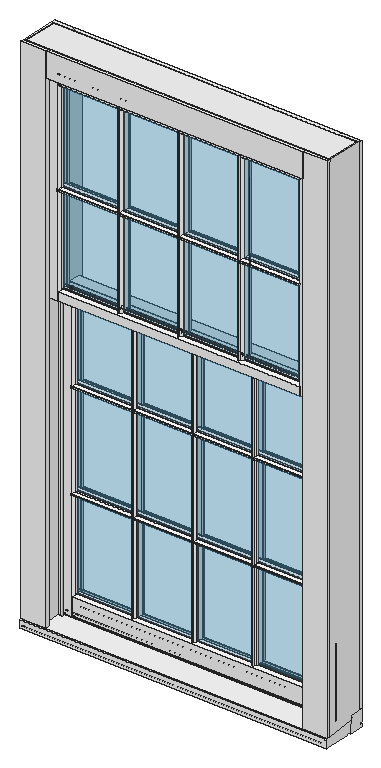
Revit family "B1-812", category Generic Models, Revit 2012
Parameters (values of type "Window Sill drawing")
  Width = 1250 mm
  Height = 2144 mm
  GlazingPanelMaterial = Glass
  Floor Material = White
Reference planes
  plane 1 "Center (Front/Back)": y = 0
  plane 2: z = 0
  plane 3 "Center (Left/Right)": x = 72
  plane 4: z = 2144
  plane 5: x = -800
  plane 6: y = -21.25
  plane 7: y = 152.75
  plane 8: x = -669
  plane 9: y = -21.25
  plane 10: z = 1275.52
  plane 11: z = 1231.52
  plane 12: z = 2044
  plane 13: z = 2058
  plane 14: z = 33
  plane 15: z = 2062
  plane 16: z = 68
  plane 17: x = 450
  plane 18: x = -419.504
  plane 19: x = -174
  plane 20: z = -98.018
  plane 21: y = 110
  plane 22: y = 110
  plane 23: y = 110
  plane 24: y = 110
  plane 25: y = 110
  plane 26: y = 110
  plane 27: x = 350
  plane 28: x = 319
  plane 29: x = 368
  plane 30: y = 110
  plane 31: y = 110
  plane 32: y = 110
  plane 33: z = 2144
  plane 34: x = 289.073
  plane 35: y = 110
  plane 36: y = 110
  plane 37: y = 110
  plane 38: z = 484
  plane 39: z = 2013
  plane 40: z = 1628.52
  plane 41: y = 39.004
  plane 42: y = 39.004
  plane 43: y = 39.004
  plane 44: z = 877.04
  plane 45: x = 289.073
  plane 46: y = 110
  plane 47: y = 110
  plane 48: y = 110
Forms (mm)
  Extrusion 1, solid, material "White" <- "Floor Material"
    sketch origin (250, 0, 963.815) x (0, 1, 0) y (0, 0, 1)
      loop
        arc (117, 270.705) -> (122.657, 273.048) -> (125, 278.705) r 8
        line (125, 278.705) -> (128, 278.705) -> (128, 283.705) -> (109, 283.705) -> (109, 271.705) -> (112, 271.705) -> (113, 267.705) -> (117, 267.705) -> (117, 270.705)
      loop
        line (105, 279.705) -> (89, 279.705) -> (89, 269.705) -> (105, 269.705) -> (105, 279.705)
      loop
        line (60, 267.705) -> (60, 292.705) -> (54, 292.705) -> (54, 295.705) -> (12, 295.705) -> (12, 311.705) -> (10, 311.705) -> (0, 301.705) -> (0, 267.705) -> (30.175, 267.705) -> (60, 267.705)
      loop
        line (34, 309.705) -> (18, 309.705) -> (18, 299.705) -> (34, 299.705) -> (34, 309.705)
      loop
        arc (55.182, 295.161) -> (54.182, 294.161) -> (55.182, 293.161) r 1
        line (55.182, 293.161) -> (62.682, 293.161) -> (62.682, 297.13) -> (64.738, 294.318)
        arc (64.738, 294.318) -> (66.051, 294.42) -> (66.152, 295.733) r 1.012
        line (66.152, 295.733) -> (63.167, 299.815)
        arc (63.167, 299.815) -> (61.677, 300.338) -> (60.652, 299.136) r 1.396
        line (60.652, 299.136) -> (60.652, 295.161) -> (55.182, 295.161)
    from -917.922 to 69.921
  Extrusion 2, solid, material "White" <- "Floor Material"
    sketch origin (1015, 13.291, 911.009) x (0, 1, 0) y (0, 0, 1)
      loop
        line (69.709, 336.511) -> (96.209, 336.511) -> (96.209, 364.511) -> (50.709, 364.511) -> (50.709, 359.511) -> (52.709, 349.511) -> (57.709, 349.511) -> (57.709, 339.968) -> (63.93, 339.968) -> (63.93, 336.511) -> (57.709, 336.511) -> (57.709, 320.511) -> (69.709, 320.511) -> (69.709, 336.511)
      loop
        line (53.709, 320.511) -> (53.709, 325.511) -> (51.709, 335.511) -> (46.709, 335.511) -> (46.709, 320.511) -> (53.709, 320.511)
      loop
        line (46.709, 364.511) -> (28.709, 364.511) -> (27.709, 360.511) -> (24.709, 360.511) -> (24.709, 348.511) -> (46.709, 348.511) -> (46.709, 364.511)
      loop
        arc (62.768, 337.366) -> (63.768, 338.366) -> (62.768, 339.366) r 1
        line (62.768, 339.366) -> (55.268, 339.366) -> (55.268, 335.397) -> (53.212, 338.208)
        arc (53.212, 338.208) -> (51.899, 338.107) -> (51.797, 336.794) r 1.012
        line (51.797, 336.794) -> (54.783, 332.712)
        arc (54.783, 332.712) -> (56.273, 332.188) -> (57.298, 333.39) r 1.396
        line (57.298, 333.39) -> (57.298, 337.366) -> (62.768, 337.366)
    from -1688.922 to -691.009
  Extrusion 3, solid, material "White" <- "Floor Material"
    sketch origin (865, 123.171, 924.733) x (0, 1, 0) y (0, 0, 1)
      loop
        line (-14.171, 306.296) -> (-10.171, 306.787) -> (-11.171, 310.787) -> (-14.171, 310.787) -> (-14.171, 306.296)
      loop
        line (-38.171, 306.542) -> (-38.171, 309.542) -> (-40.171, 309.787) -> (-40.171, 306.787) -> (-38.171, 306.542)
      loop
        line (-85.171, 351.278) -> (-85.171, 346.787) -> (-82.171, 346.787) -> (-81.171, 350.787) -> (-85.171, 351.278)
      loop
        line (-111.171, 347.787) -> (-109.171, 348.033) -> (-109.171, 351.033) -> (-111.171, 350.787) -> (-111.171, 347.787)
    from -1534 to -546
  Extrusion 4, solid, material "Glass" <- "GlazingPanelMaterial"
    sketch origin (150, 64.106, 220.533) x (0, 1, 0) y (0, 0, 1)
      loop
        line (44.88, -103.528) -> (44.88, 1026.987) -> (40.88, 1026.987) -> (40.88, -103.528) -> (44.88, -103.528)
      loop
        line (24.88, 1026.987) -> (20.88, 1026.987) -> (20.88, -103.528) -> (24.88, -103.528) -> (24.88, 1026.987)
    from -819 to 169
  Extrusion 5, solid, material "White" <- "Floor Material"
    sketch origin (761.418, 125.498, 1270.719) x (0, -0.121869, -0.992546) y (0, 0.992546, -0.121869)
      loop
        line (28.327, -57.65) -> (23.969, -54.354)
        arc (23.969, -54.354) -> (22.506, -54.612) -> (22.765, -56.075) r 1.05
        line (22.765, -56.075) -> (26.332, -58.837)
        arc (26.332, -58.837) -> (26.584, -59.776) -> (25.835, -60.396) r 0.9
        line (25.835, -60.396) -> (19.693, -61.15)
        arc (19.693, -61.15) -> (19.162, -61.383) -> (18.989, -61.936) r 0.7
        line (18.989, -61.936) -> (19.197, -63.633) -> (19.712, -64.398) -> (20.1, -67.562) -> (19.196, -66.76) -> (19.293, -67.554) -> (20.152, -68.225) -> (20.951, -68.183) -> (23.094, -67.324) -> (22.996, -66.53) -> (20.532, -66.978) -> (20.205, -64.315)
        arc (20.205, -64.315) -> (20.389, -63.651) -> (20.989, -63.312) r 0.9
        line (20.989, -63.312) -> (28.761, -62.358)
        arc (28.761, -62.358) -> (29.205, -62.1) -> (29.324, -61.601) r 0.65
        line (29.324, -61.601) -> (28.752, -58.33)
        arc (28.752, -58.33) -> (28.631, -57.932) -> (28.327, -57.65) r 0.798
    from -1430.418 to -1181
  Extrusion 6, solid, material "White" <- "Floor Material"
    sketch origin (911.418, 126.532, 1271.954) x (0, -0.121869, -0.992546) y (0, 0.992546, -0.121869)
      loop
        arc (25.38, -55.148) -> (23.778, -55.428) -> (24.057, -57.03) r 1.15
        line (24.057, -57.03) -> (27.62, -59.789)
        arc (27.62, -59.789) -> (27.84, -60.623) -> (27.175, -61.172) r 0.8
        line (27.175, -61.172) -> (20.939, -61.931)
        arc (20.939, -61.931) -> (20.405, -62.232) -> (20.241, -62.823) r 0.8
        line (20.241, -62.823) -> (20.45, -64.52) -> (20.968, -65.312) -> (21.339, -68.337) -> (20.548, -67.635) -> (20.645, -68.429) -> (21.504, -69.1) -> (22.303, -69.058) -> (24.446, -68.2) -> (24.348, -67.406) -> (21.983, -67.835) -> (21.657, -65.178)
        arc (21.657, -65.178) -> (21.82, -64.588) -> (22.353, -64.287) r 0.8
        line (22.353, -64.287) -> (30.127, -63.332)
        arc (30.127, -63.332) -> (30.638, -63.034) -> (30.774, -62.459) r 0.75
        line (30.774, -62.459) -> (30.244, -59.424)
        arc (30.244, -59.424) -> (30.154, -58.918) -> (29.833, -58.516) r 1.042
        line (29.833, -58.516) -> (25.38, -55.148)
    from -1580.418 to -1331
  Extrusion 7, solid, material "White" <- "Floor Material"
    sketch origin (861.418, 121.497, 1283.598) x (0, -0.121869, -0.992546) y (0, 0.992546, -0.121869)
      loop
        line (37.899, -55.316) -> (32.161, -55.997)
        arc (32.161, -55.997) -> (31.827, -56.184) -> (31.724, -56.554) r 0.5
        line (31.724, -56.554) -> (32.395, -62.021) -> (31.491, -61.219) -> (31.588, -62.013) -> (32.447, -62.684) -> (33.246, -62.642) -> (35.389, -61.784) -> (35.291, -60.989) -> (32.827, -61.437) -> (32.285, -57.019)
        arc (32.285, -57.019) -> (32.428, -56.659) -> (32.772, -56.479) r 0.558
        line (32.772, -56.479) -> (37.96, -55.818)
        arc (37.96, -55.818) -> (38.179, -55.536) -> (37.899, -55.316) r 0.253
    from -1530.418 to -542.417
  Extrusion 8, solid, material "White" <- "Floor Material"
    sketch origin (-78.582, 5.502, 1236.603) x (0, 0.121869, 0.992546) y (0, -0.992546, 0.121869)
      loop
        line (28.327, -57.65) -> (23.969, -54.354)
        arc (23.969, -54.354) -> (22.506, -54.612) -> (22.765, -56.075) r 1.05
        line (22.765, -56.075) -> (26.332, -58.837)
        arc (26.332, -58.837) -> (26.584, -59.776) -> (25.835, -60.396) r 0.9
        line (25.835, -60.396) -> (19.693, -61.15)
        arc (19.693, -61.15) -> (19.162, -61.383) -> (18.989, -61.936) r 0.7
        line (18.989, -61.936) -> (19.197, -63.633) -> (19.712, -64.398) -> (20.1, -67.562) -> (19.196, -66.76) -> (19.293, -67.554) -> (20.152, -68.225) -> (20.951, -68.183) -> (23.094, -67.324) -> (22.996, -66.53) -> (20.532, -66.978) -> (20.205, -64.315)
        arc (20.205, -64.315) -> (20.389, -63.651) -> (20.989, -63.312) r 0.9
        line (20.989, -63.312) -> (28.761, -62.358)
        arc (28.761, -62.358) -> (29.205, -62.1) -> (29.324, -61.601) r 0.65
        line (29.324, -61.601) -> (28.752, -58.33)
        arc (28.752, -58.33) -> (28.631, -57.932) -> (28.327, -57.65) r 0.798
    from -590.418 to 397.583
  Extrusion 9, solid, material "White" <- "Floor Material"
    sketch origin (736.418, 9.503, 1223.725) x (0, 0.121869, 0.992546) y (0, -0.992546, 0.121869)
      loop
        line (37.899, -55.316) -> (32.161, -55.997)
        arc (32.161, -55.997) -> (31.827, -56.184) -> (31.724, -56.554) r 0.5
        line (31.724, -56.554) -> (32.395, -62.021) -> (31.491, -61.219) -> (31.588, -62.013) -> (32.447, -62.684) -> (33.246, -62.642) -> (35.389, -61.784) -> (35.291, -60.989) -> (32.827, -61.437) -> (32.285, -57.019)
        arc (32.285, -57.019) -> (32.428, -56.659) -> (32.772, -56.479) r 0.558
        line (32.772, -56.479) -> (37.96, -55.818)
        arc (37.96, -55.818) -> (38.179, -55.536) -> (37.899, -55.316) r 0.253
    from -1405.418 to -417.417
  Extrusion 10, solid, material "White" <- "Floor Material"
    sketch origin (815, 0, 963.815) x (0, 1, 0) y (0, 0, 1)
      loop
        line (38, 299.705) -> (12, 299.705) -> (12, 295.705) -> (38, 295.705) -> (38, 299.705)
      loop
        line (109, 283.705) -> (83, 283.705) -> (83, 279.705) -> (109, 279.705) -> (109, 283.705)
    from -1484 to -1234.582
  Extrusion 11, solid, not visible
    sketch origin (0, 0, 9.375) x (0, 1, 0) y (0, 0, 1)
      loop
        line (94.662, 311.911) -> (94.314, 312.868) -> (95.314, 312.868) -> (93.454, 317.977) -> (86.115, 317.977) -> (85.011, 317.575) -> (64.143, 317.575) -> (64.143, 311.911) -> (94.662, 311.911)
    from 0 to 250
  Extrusion 12, solid, not visible
    sketch origin (0, 0, 9.375) x (0, 1, 0) y (0, 0, 1)
      loop
        line (93.688, 317.334) -> (85.92, 317.334) -> (87.101, 312.926) -> (95.293, 312.926) -> (93.688, 317.334)
      loop
        line (91.853, 322.376) -> (91.853, 328.194)
        arc (91.853, 328.194) -> (91.424, 329.231) -> (90.388, 329.66) r 1.465
        line (90.388, 329.66) -> (71.853, 329.66) -> (71.853, 322.376) -> (91.853, 322.376)
      loop
        line (73.373, 320.598) -> (64.143, 320.598) -> (64.143, 317.575) -> (73.373, 317.575) -> (73.373, 320.598)
      loop
        line (61.169, 311.884) -> (61.169, 316.884) -> (56.169, 316.884)
        arc (56.169, 316.884) -> (53.926, 317.813) -> (52.996, 320.057) r 3.173
        line (52.996, 320.057) -> (52.996, 327.594)
        arc (52.996, 327.594) -> (53.247, 329.284) -> (54.656, 330.25) r 2.138
        line (54.656, 330.25) -> (56.493, 330.25)
        arc (56.493, 330.25) -> (57.939, 329.727) -> (58.925, 328.548) r 2.95
        line (58.925, 328.548) -> (59.306, 324.922) -> (61.24, 324.922) -> (60.612, 330.901)
        arc (60.612, 330.901) -> (59.723, 332.646) -> (57.894, 333.348) r 2.733
        line (57.894, 333.348) -> (52.423, 333.348)
        arc (52.423, 333.348) -> (50.164, 330.795) -> (49.999, 327.391) r 5.139
        line (49.999, 327.391) -> (47.957, 316.884)
        arc (47.957, 316.884) -> (49.179, 314.507) -> (49.698, 311.884) r 9.583
        line (49.698, 311.884) -> (61.169, 311.884)
    from 0 to 250
  Extrusion 13, solid, material "White" <- "Floor Material"
    sketch origin (50, -21.25, 1760.188) x (0, 1, 0) y (0, 0, 1)
      loop
        line (78.5, 268.749) -> (59.5, 268.749) -> (59.5, 256.749) -> (62.5, 256.749) -> (63.5, 252.749) -> (67.5, 252.749) -> (67.5, 255.749)
        arc (67.5, 255.749) -> (73.157, 258.092) -> (75.5, 263.749) r 8
        line (75.5, 263.749) -> (78.5, 263.749) -> (78.5, 268.749)
      loop
        line (67.534, 317.378) -> (63.288, 313.116) -> (63.101, 309.432)
        arc (63.101, 309.432) -> (63.279, 308.951) -> (63.75, 308.749) r 0.65
        line (63.75, 308.749) -> (71.582, 308.749)
        arc (71.582, 308.749) -> (72.219, 308.486) -> (72.482, 307.849) r 0.9
        line (72.482, 307.849) -> (72.482, 305.266) -> (69.639, 305.266) -> (69.639, 304.437) -> (70.5, 304.437) -> (72.582, 304.032) -> (73.5, 304.437) -> (73.5, 308.749) -> (73.4, 310.459)
        arc (73.4, 310.459) -> (73.16, 310.987) -> (72.605, 311.153) r 0.7
        line (72.605, 311.153) -> (66.417, 311.153)
        arc (66.417, 311.153) -> (65.695, 311.514) -> (65.553, 312.309) r 0.9
        line (65.553, 312.309) -> (68.938, 315.817)
        arc (68.938, 315.817) -> (69.016, 317.299) -> (67.534, 317.378) r 1.05
    from -719 to 269
  Extrusion 14, solid, material "White" <- "Floor Material"
    sketch origin (50, -21.25, 1749.251) x (0, 1, 0) y (0, 0, 1)
      loop
        line (154, 344.749) -> (154, 388.749) -> (20, 388.749) -> (20, 344.749) -> (154, 344.749)
    from -749.921 to 300
  Extrusion 15, solid, material "Glass" <- "GlazingPanelMaterial", detail levels fine
    sketch origin (0, -6.957, 1502.493) x (0, 1, 0) y (0, 0, 1)
      loop
        line (45.207, -226.973) -> (45.207, 521.445) -> (41.207, 521.445) -> (41.207, -226.973) -> (45.207, -226.973)
      loop
        line (24.957, 521.445) -> (20.957, 521.445) -> (20.957, -226.973) -> (24.957, -226.973) -> (24.957, 521.445)
    from -669 to 319
  Extrusion 16, solid, material "White" <- "Floor Material"
    sketch origin (-72.332, 95.318, 2181.485) x (0, 1, 0) y (0, 0, 1)
      loop
        line (-97.368, -115.408) -> (-98.782, -115.408) -> (-98.782, -120.691) -> (-97.368, -120.691) -> (-97.368, -119.602) -> (-97.368, -116.493) -> (-97.368, -115.408)
    from -596.668 to -347.25
  Extrusion 17, solid, material "White" <- "Floor Material"
    sketch origin (50, -21.25, 1760.188) x (0, 1, 0) y (0, 0, 1)
      loop
        line (17, 304.499) -> (13, 304.499) -> (13, 301.999) -> (17, 301.999) -> (17, 299.749) -> (20, 299.749) -> (20, 301.694) -> (19.2, 301.694) -> (19.2, 300.606) -> (17.786, 300.606) -> (17.786, 305.893) -> (19.2, 305.893) -> (19.2, 304.804) -> (20, 304.804) -> (20, 306.749) -> (17, 306.749) -> (17, 304.499)
    from -719 to 269
  Extrusion 18, solid, material "White" <- "Floor Material"
    sketch origin (50, -21.25, 1760.188) x (0, 1, 0) y (0, 0, 1)
      loop
        line (23.862, 300.393) -> (23.862, 306.074)
        spline (23.862, 306.074) -> (23.6, 305.683) -> (23.284, 305.425) -> (22.922, 305.27) -> (22.524, 305.189) -> (22.101, 305.153) -> (21.66, 305.133) -> (21.213, 305.1) -> (20.767, 305.024) -> (20.334, 304.876) -> (19.922, 304.627) -> (19.541, 304.248) -> (19.2, 303.71)
        line (19.2, 303.71) -> (19.2, 302.476)
        spline (19.2, 302.476) -> (19.558, 301.967) -> (19.948, 301.615) -> (20.362, 301.392) -> (20.792, 301.269) -> (21.23, 301.216) -> (21.669, 301.205) -> (22.099, 301.206) -> (22.515, 301.191) -> (22.906, 301.132) -> (23.267, 300.998) -> (23.588, 300.761) -> (23.862, 300.393)
    from -719 to -224
  Extrusion 19, solid, material "White" <- "Floor Material"
    sketch origin (-22.332, 36.182, 2181.485) x (0, -1, 0) y (0, 0, -1)
      loop
        line (-97.368, 115.408) -> (-97.368, 116.493) -> (-97.368, 119.602) -> (-97.368, 120.691) -> (-98.782, 120.691) -> (-98.782, 115.408) -> (-97.368, 115.408)
    from -695.605 to 390.349
  Extrusion 20, solid, material "White" <- "Floor Material"
    sketch origin (25, 152.75, 1760.188) x (0, -1, 0) y (0, 0, -1)
      loop
        spline (23.862, -300.393) -> (23.588, -300.761) -> (23.267, -300.998) -> (22.906, -301.132) -> (22.515, -301.191) -> (22.099, -301.206) -> (21.669, -301.205) -> (21.23, -301.216) -> (20.792, -301.269) -> (20.362, -301.392) -> (19.948, -301.615) -> (19.558, -301.967) -> (19.2, -302.476)
        line (19.2, -302.476) -> (19.2, -303.71)
        spline (19.2, -303.71) -> (19.541, -304.248) -> (19.922, -304.627) -> (20.334, -304.876) -> (20.767, -305.024) -> (21.213, -305.1) -> (21.66, -305.133) -> (22.101, -305.153) -> (22.524, -305.189) -> (22.922, -305.27) -> (23.284, -305.425) -> (23.6, -305.683) -> (23.862, -306.074)
        line (23.862, -306.074) -> (23.862, -300.393)
    from -694 to -444.582
  Extrusion 21, solid, material "White" <- "Floor Material"
    sketch origin (50, 234.566, 1876.409) x (0, 1, 0) y (0, 0, 1)
      loop
        line (-222.316, 137.529) -> (-220.566, 137.744) -> (-220.566, 152.529) -> (-222.316, 152.529) -> (-222.316, 137.529)
      loop
        line (-193.316, 140.529) -> (-196.316, 140.529) -> (-196.316, 136.529) -> (-192.316, 136.529) -> (-193.316, 140.529)
    from -719 to -469.582
  Extrusion 22, solid, material "White" <- "Floor Material"
    sketch origin (50, -21.25, 1749.251) x (0, 1, 0) y (0, 0, 1)
      loop
        line (159, 312.749) -> (159, 388.749) -> (20, 388.749) -> (20, 329.749) -> (15, 329.749) -> (15, 321.749) -> (20, 321.749) -> (20, 312.749) -> (83, 312.749) -> (83, 319.749) -> (91, 319.749) -> (91, 312.749) -> (159, 312.749)
    from -767.938 to 318.016
  Extrusion 23, solid, material "White" <- "Floor Material"
    sketch origin (-172.332, 69.685, -12.907) x (0, -1, 0) y (0, 0, -1)
      loop
        line (-28.815, -17.907) -> (-28.815, -45.907) -> (-33.815, -45.907) -> (-33.815, -60.907) -> (-28.815, -60.907) -> (92.551, -46.005)
        arc (92.551, -46.005) -> (94.432, -45.015) -> (95.185, -43.027) r 3
        line (95.185, -43.027) -> (95.185, -12.907) -> (90.185, -12.907) -> (90.185, -14.907)
        arc (90.185, -14.907) -> (87.185, -17.907) -> (84.185, -14.907) r 3
        line (84.185, -14.907) -> (84.185, -12.907) -> (-8.815, -12.907) -> (-8.815, -17.907) -> (-28.815, -17.907)
    from -627.668 to 622.332
  Extrusion 24, solid, material "White" <- "Floor Material"
    sketch origin (-172.332, 69.685, 0) x (0, -1, 0) y (0, 0, -1)
      loop
        line (-82.815, 0) -> (-82.815, -10) -> (-72.815, -10) -> (-72.815, -20) -> (-82.815, -20) -> (-82.815, -68) -> (-62.815, -68) -> (-28.815, -63.825) -> (-28.815, -58.913)
        arc (-28.815, -58.913) -> (-31.815, -55.913) -> (-28.815, -52.913) r 3
        line (-28.815, -52.913) -> (-28.815, -48) -> (-33.815, -48) -> (-33.815, -33) -> (-28.815, -33) -> (-28.815, 0) -> (-82.815, 0)
    from -627.668 to 622.332
  Extrusion 25, solid, material "White" <- "Floor Material"
    sketch origin (-172.332, 75.723, -26.266) x (0, -1, 0) y (0, 0, -1)
      loop
        line (-6.277, -76.621) -> (-17.277, -77.972) -> (-17.277, -99.936) -> (-21.277, -99.936) -> (-21.277, -139.271) -> (-7.277, -139.271) -> (-7.277, -155.271) -> (-5.277, -155.271) -> (4.723, -145.271) -> (4.723, -77.246)
        arc (4.723, -77.246) -> (3.711, -74.999) -> (1.357, -74.268) r 3
        line (1.357, -74.268) -> (-3.277, -74.837) -> (-3.277, -82.253) -> (-6.277, -82.253) -> (-6.277, -76.621)
      loop
        line (-55.277, -139.271) -> (-29.277, -139.271) -> (-29.277, -99.936) -> (-33.277, -99.936) -> (-33.277, -94.936) -> (-44.277, -96.287) -> (-44.277, -102.287) -> (-47.277, -102.287) -> (-47.277, -96.655) -> (-52.643, -97.314)
        arc (-52.643, -97.314) -> (-54.524, -98.304) -> (-55.277, -100.292) r 3
        line (-55.277, -100.292) -> (-55.277, -139.271)
    from -495.589 to 492.208
  Extrusion 26, solid, material "White" <- "Floor Material"
    sketch origin (-172.332, 36.806, -33.552) x (0, -1, 0) y (0, 0, -1)
      loop
        line (-97.22, -108.207) -> (-97.22, -106.552) -> (-98.72, -106.552) -> (-98.72, -111.552) -> (-97.22, -111.552) -> (-97.22, -109.898)
        spline (-97.22, -109.898) -> (-96.846, -110.536) -> (-96.419, -110.991) -> (-95.951, -111.297) -> (-95.454, -111.486) -> (-94.941, -111.593) -> (-94.423, -111.65) -> (-93.912, -111.691) -> (-93.422, -111.75) -> (-92.964, -111.859) -> (-92.55, -112.054) -> (-92.193, -112.366) -> (-91.905, -112.83)
        line (-91.905, -112.83) -> (-91.905, -105.274)
        spline (-91.905, -105.274) -> (-92.193, -105.738) -> (-92.55, -106.051) -> (-92.964, -106.245) -> (-93.422, -106.355) -> (-93.912, -106.414) -> (-94.423, -106.455) -> (-94.941, -106.512) -> (-95.454, -106.619) -> (-95.951, -106.808) -> (-96.419, -107.113) -> (-96.846, -107.569) -> (-97.22, -108.207)
    from -496.668 to 491.333
  Extrusion 27, solid, material "White" <- "Floor Material"
    sketch origin (-172.332, 73.367, -7.569) x (0, -1, 0) y (0, 0, -1)
      loop
        line (-54.633, -125.574) -> (-51.633, -125.574)
        arc (-51.633, -125.574) -> (-49.289, -131.23) -> (-43.633, -133.574) r 8
        line (-43.633, -133.574) -> (-43.633, -136.574) -> (-39.633, -136.574) -> (-38.633, -132.574) -> (-35.633, -132.574) -> (-35.633, -120.574) -> (-54.633, -120.574) -> (-54.633, -125.574)
    from -496.668 to 491.333
  Extrusion 28, solid, material "White" <- "Floor Material"
    sketch origin (-172.332, 69.685, 0) x (0, -1, 0) y (0, 0, -1)
      loop
        line (-39.315, -113.004) -> (-39.315, -117.004) -> (-15.315, -117.004) -> (-15.315, -126.25) -> (-13.315, -126.004) -> (-13.315, -113.004) -> (-39.315, -113.004)
    from -496.668 to 491.333
  Extrusion 29, solid, material "White" <- "Floor Material"
    sketch origin (-153.582, 101.098, -13.29) x (0, -1, 0) y (0, 0, -1)
      loop
        line (28.327, -57.65) -> (23.969, -54.354)
        arc (23.969, -54.354) -> (22.506, -54.612) -> (22.765, -56.075) r 1.05
        line (22.765, -56.075) -> (26.332, -58.837)
        arc (26.332, -58.837) -> (26.584, -59.776) -> (25.835, -60.396) r 0.9
        line (25.835, -60.396) -> (19.693, -61.15)
        arc (19.693, -61.15) -> (19.162, -61.383) -> (18.989, -61.936) r 0.7
        line (18.989, -61.936) -> (19.197, -63.633) -> (19.712, -64.398) -> (20.1, -67.562) -> (19.196, -66.76) -> (19.293, -67.554) -> (20.152, -68.225) -> (20.951, -68.183) -> (23.094, -67.324) -> (22.996, -66.53) -> (20.532, -66.978) -> (20.205, -64.315)
        arc (20.205, -64.315) -> (20.389, -63.651) -> (20.989, -63.312) r 0.9
        line (20.989, -63.312) -> (28.761, -62.358)
        arc (28.761, -62.358) -> (29.205, -62.1) -> (29.324, -61.601) r 0.65
        line (29.324, -61.601) -> (28.752, -58.33)
        arc (28.752, -58.33) -> (28.631, -57.932) -> (28.327, -57.65) r 0.798
    from -551.339 to 508.582
  Extrusion 30, solid, material "White" <- "Floor Material"
    sketch origin (-153.582, 113.393, -7.749) x (0, -1, 0) y (0, 0, -1)
      loop
        line (37.899, -55.316) -> (32.161, -55.997)
        arc (32.161, -55.997) -> (31.827, -56.184) -> (31.724, -56.554) r 0.5
        line (31.724, -56.554) -> (32.395, -62.021) -> (31.491, -61.219) -> (31.588, -62.013) -> (32.447, -62.684) -> (33.246, -62.642) -> (35.389, -61.784) -> (35.291, -60.989) -> (32.827, -61.437) -> (32.285, -57.019)
        arc (32.285, -57.019) -> (32.428, -56.659) -> (32.772, -56.479) r 0.558
        line (32.772, -56.479) -> (37.96, -55.818)
        arc (37.96, -55.818) -> (38.179, -55.536) -> (37.899, -55.316) r 0.253
    from -515.418 to 225.582
  Extrusion 31, solid, material "White" <- "Floor Material"
    sketch origin (-172.332, 69.685, 0) x (0, -1, 0) y (0, 0, -1)
      loop
        line (-35.315, -127.004) -> (-19.315, -127.004) -> (-19.315, -117.004) -> (-35.315, -117.004) -> (-35.315, -127.004)
    from -496.668 to 244.332
  Extrusion 32, solid, material "White" <- "Floor Material"
    sketch origin (-153.582, 142.098, 6.744) x (0, -1, 0) y (0, 0, -1)
      loop
        line (28.327, -57.65) -> (23.969, -54.354)
        arc (23.969, -54.354) -> (22.506, -54.612) -> (22.765, -56.075) r 1.05
        line (22.765, -56.075) -> (26.332, -58.837)
        arc (26.332, -58.837) -> (26.584, -59.776) -> (25.835, -60.396) r 0.9
        line (25.835, -60.396) -> (19.693, -61.15)
        arc (19.693, -61.15) -> (19.162, -61.383) -> (18.989, -61.936) r 0.7
        line (18.989, -61.936) -> (19.197, -63.633) -> (19.712, -64.398) -> (20.1, -67.562) -> (19.196, -66.76) -> (19.293, -67.554) -> (20.152, -68.225) -> (20.951, -68.183) -> (23.094, -67.324) -> (22.996, -66.53) -> (20.532, -66.978) -> (20.205, -64.315)
        arc (20.205, -64.315) -> (20.389, -63.651) -> (20.989, -63.312) r 0.9
        line (20.989, -63.312) -> (28.761, -62.358)
        arc (28.761, -62.358) -> (29.205, -62.1) -> (29.324, -61.601) r 0.65
        line (29.324, -61.601) -> (28.752, -58.33)
        arc (28.752, -58.33) -> (28.631, -57.932) -> (28.327, -57.65) r 0.798
    from -515.418 to 472.583
  Extrusion 33, solid, material "White" <- "Floor Material"
    sketch origin (-153.582, 143.45, 5.869) x (0, -1, 0) y (0, 0, -1)
      loop
        arc (25.38, -55.148) -> (23.778, -55.428) -> (24.057, -57.03) r 1.15
        line (24.057, -57.03) -> (27.62, -59.789)
        arc (27.62, -59.789) -> (27.84, -60.623) -> (27.175, -61.172) r 0.8
        line (27.175, -61.172) -> (20.939, -61.931)
        arc (20.939, -61.931) -> (20.405, -62.232) -> (20.241, -62.823) r 0.8
        line (20.241, -62.823) -> (20.45, -64.52) -> (20.968, -65.312) -> (21.339, -68.337) -> (20.548, -67.635) -> (20.645, -68.429) -> (21.504, -69.1) -> (22.303, -69.058) -> (24.446, -68.2) -> (24.348, -67.406) -> (21.983, -67.835) -> (21.657, -65.178)
        arc (21.657, -65.178) -> (21.82, -64.588) -> (22.353, -64.287) r 0.8
        line (22.353, -64.287) -> (30.127, -63.332)
        arc (30.127, -63.332) -> (30.638, -63.034) -> (30.774, -62.459) r 0.75
        line (30.774, -62.459) -> (30.244, -59.424)
        arc (30.244, -59.424) -> (30.154, -58.918) -> (29.833, -58.516) r 1.042
        line (29.833, -58.516) -> (25.38, -55.148)
    from -515.418 to 472.583
  Extrusion 34, solid, material "White" <- "Floor Material"
    sketch origin (-153.582, 154.393, 12.285) x (0, -1, 0) y (0, 0, -1)
      loop
        line (37.899, -55.316) -> (32.161, -55.997)
        arc (32.161, -55.997) -> (31.827, -56.184) -> (31.724, -56.554) r 0.5
        line (31.724, -56.554) -> (32.395, -62.021) -> (31.491, -61.219) -> (31.588, -62.013) -> (32.447, -62.684) -> (33.246, -62.642) -> (35.389, -61.784) -> (35.291, -60.989) -> (32.827, -61.437) -> (32.285, -57.019)
        arc (32.285, -57.019) -> (32.428, -56.659) -> (32.772, -56.479) r 0.558
        line (32.772, -56.479) -> (37.96, -55.818)
        arc (37.96, -55.818) -> (38.179, -55.536) -> (37.899, -55.316) r 0.253
    from -515.418 to 225.582
  Extrusion 35, solid, material "White" <- "Floor Material"
    sketch origin (-172.332, 69.685, 0) x (0, -1, 0) y (0, 0, -1)
      loop
        line (-39.315, -129.495) -> (-39.315, -125.004) -> (-42.315, -125.004) -> (-43.315, -129.004) -> (-39.315, -129.495)
      loop
        line (-15.315, -129.25) -> (-13.315, -129.004) -> (-13.315, -126.004) -> (-15.315, -126.25) -> (-15.315, -129.25)
    from -496.668 to 491.333
  Extrusion 36, solid, material "White" <- "Floor Material"
    sketch origin (-511.418, -643.153, 0) x (1, 0, 0) y (0, 1, 0)
      loop
        line (-280.004, 695.902) -> (-280.004, 650.902) -> (-235.004, 650.902) -> (-235.004, 695.902) -> (-280.004, 695.902)
      loop
        circle (-257.504, 673.402) r 3.5
      loop
        circle (-257.504, 744.402) r 3.5
      loop
        line (-235.004, 766.902) -> (-280.004, 766.902) -> (-280.004, 721.902) -> (-235.004, 721.902) -> (-235.004, 766.902)
      loop
        line (-281.504, 707.402) -> (-233.504, 707.402) -> (-233.504, 710.402) -> (-281.504, 710.402) -> (-281.504, 707.402)
      loop
        line (-206.504, 712.902) -> (-213.504, 712.902) -> (-213.504, 704.902) -> (-192.504, 704.902)
        arc (-192.504, 704.902) -> (-188.504, 708.902) -> (-192.504, 712.902) r 4
        line (-192.504, 712.902) -> (-206.504, 712.902)
    from 33 to 2058
  Extrusion 37, solid, material "White" <- "Floor Material"
    sketch origin (-511.434, -643.965, 0) x (1, 0, 0) y (0, 1, 0)
      loop
        line (-209.504, 752.402) -> (-254.504, 752.402) -> (-254.504, 736.402) -> (-209.504, 736.402) -> (-209.504, 729.902) -> (-206.504, 729.902) -> (-206.504, 758.902) -> (-209.504, 758.902) -> (-209.504, 752.402)
      loop
        line (-254.504, 681.402) -> (-254.504, 665.402) -> (-209.504, 665.402) -> (-209.504, 658.902) -> (-206.504, 658.902) -> (-206.504, 687.902) -> (-209.504, 687.902) -> (-209.504, 681.402) -> (-254.504, 681.402)
    from 33 to 2058
  Extrusion 38, solid, material "White" <- "Floor Material"
    sketch origin (-511.418, -571.902, -672) x (1, 0, 0) y (0, 1, 0)
      loop
        line (-156.504, 643.402) -> (-146.504, 653.402) -> (-146.504, 655.402) -> (-162.504, 655.402) -> (-162.504, 703.402) -> (-199.504, 703.402)
        arc (-199.504, 703.402) -> (-201.625, 702.524) -> (-202.504, 700.402) r 3
        line (-202.504, 700.402) -> (-202.504, 679.402) -> (-196.504, 679.402) -> (-196.504, 667.402) -> (-202.504, 667.402) -> (-202.504, 654.402) -> (-196.504, 654.402) -> (-196.504, 651.402) -> (-202.504, 651.402) -> (-202.504, 646.402)
        arc (-202.504, 646.402) -> (-201.625, 644.281) -> (-199.504, 643.402) r 3
        line (-199.504, 643.402) -> (-156.504, 643.402)
    from 717.039 to 1919.545
  Extrusion 39, solid, material "White" <- "Floor Material"
    sketch origin (-511.418, -571.902, -672) x (1, 0, 0) y (0, 1, 0)
      loop
        line (-162.504, 700.402) -> (-162.504, 681.402) -> (-150.504, 681.402) -> (-150.504, 684.402) -> (-146.504, 685.402) -> (-146.504, 689.402) -> (-149.504, 689.402)
        arc (-149.504, 689.402) -> (-151.847, 695.059) -> (-157.504, 697.402) r 8
        line (-157.504, 697.402) -> (-157.504, 700.402) -> (-162.504, 700.402)
    from 705 to 1914.52
  Extrusion 40, solid, not visible
    sketch origin (-848.022, -244.537, 0) x (1, 0, 0) y (0, 1, 0)
      loop
        line (-156.504, 643.402) -> (-146.504, 653.402) -> (-146.504, 655.402) -> (-162.504, 655.402) -> (-162.504, 703.402) -> (-199.504, 703.402)
        arc (-199.504, 703.402) -> (-201.625, 702.524) -> (-202.504, 700.402) r 3
        line (-202.504, 700.402) -> (-202.504, 695.402) -> (-196.504, 695.402) -> (-196.504, 692.402) -> (-202.504, 692.402) -> (-202.504, 679.402) -> (-196.504, 679.402) -> (-196.504, 667.402) -> (-202.504, 667.402) -> (-202.504, 646.402)
        arc (-202.504, 646.402) -> (-201.625, 644.281) -> (-199.504, 643.402) r 3
        line (-199.504, 643.402) -> (-156.504, 643.402)
    from 672 to 1294
  Extrusion 41, solid, not visible
    sketch origin (-848.022, -244.537, 0) x (1, 0, 0) y (0, 1, 0)
      loop
        line (-162.504, 700.402) -> (-162.504, 681.402) -> (-150.504, 681.402) -> (-150.504, 684.402) -> (-146.504, 685.402) -> (-146.504, 689.402) -> (-149.504, 689.402)
        arc (-149.504, 689.402) -> (-151.847, 695.059) -> (-157.504, 697.402) r 8
        line (-157.504, 697.402) -> (-157.504, 700.402) -> (-162.504, 700.402)
    from 672 to 1294
  Extrusion 42, solid, material "White" <- "Floor Material"
    sketch origin (-511.418, -714.403, 707.96) x (1, 0, 0) y (0, 1, 0)
      loop
        arc (-199.504, 774.402) -> (-201.625, 773.524) -> (-202.504, 771.402) r 3
        line (-202.504, 771.402) -> (-202.504, 766.402) -> (-196.504, 766.402) -> (-196.504, 763.402) -> (-202.504, 763.402) -> (-202.504, 750.402) -> (-196.504, 750.402) -> (-196.504, 738.402) -> (-202.504, 738.402) -> (-202.504, 717.402)
        arc (-202.504, 717.402) -> (-201.625, 715.281) -> (-199.504, 714.402) r 3
        line (-199.504, 714.402) -> (-156.504, 714.402) -> (-146.504, 724.402) -> (-146.504, 726.402) -> (-162.504, 726.402) -> (-162.504, 774.402) -> (-199.504, 774.402)
    from 523.56 to 1350.04
  Extrusion 43, solid, material "White" <- "Floor Material"
    sketch origin (-511.418, -714.403, 662.96) x (1, 0, 0) y (0, 1, 0)
      loop
        line (-157.504, 771.402) -> (-162.504, 771.402) -> (-162.504, 752.402) -> (-150.504, 752.402) -> (-150.504, 755.402) -> (-146.504, 756.402) -> (-146.504, 760.402) -> (-149.504, 760.402)
        arc (-149.504, 760.402) -> (-151.847, 766.059) -> (-157.504, 768.402) r 8
        line (-157.504, 768.402) -> (-157.504, 771.402)
    from 610.56 to 1395.04
  Extrusion 44, solid, material "White" <- "Floor Material"
    sketch origin (-511.418, 774.897, -660) x (1, 0, 0) y (0, 1, 0)
      loop
        arc (-204.331, -687.749) -> (-207.239, -689.467) -> (-208.592, -692.561) r 5.492
        arc (-208.592, -692.561) -> (-208.577, -693.238) -> (-207.9, -693.253) r 0.49
        line (-207.9, -693.253) -> (-207.702, -692.118)
        arc (-207.702, -692.118) -> (-206.44, -689.941) -> (-204.202, -688.789) r 4.477
        arc (-204.202, -688.789) -> (-203.814, -688.735) -> (-203.578, -688.421) r 0.511
        line (-203.578, -688.421) -> (-203.578, -686.619)
        arc (-203.578, -686.619) -> (-203.274, -687.204) -> (-203.257, -687.863) r 1.462
        line (-203.257, -687.863) -> (-203.257, -695.734)
        arc (-203.257, -695.734) -> (-202.89, -696.174) -> (-202.523, -695.734) r 0.373
        line (-202.523, -695.734) -> (-202.523, -693.221) -> (-200.345, -693.221) -> (-201.733, -694.086) -> (-199.555, -694.086) -> (-198.017, -693.779) -> (-198.017, -692.744)
        arc (-198.017, -692.744) -> (-198.357, -692.518) -> (-198.75, -692.402) r 1.365
        line (-198.75, -692.402) -> (-202.504, -692.402) -> (-202.504, -686.348)
        arc (-202.504, -686.348) -> (-203.437, -685.545) -> (-204.331, -686.391) r 0.919
        line (-204.331, -686.391) -> (-204.331, -687.749)
    from 660 to 1891.029
  Extrusion 45, solid, material "White" <- "Floor Material"
    sketch origin (-511.418, 774.402, 687.96) x (1, 0, 0) y (0, 1, 0)
      loop
        line (-204.331, -730.055) -> (-204.331, -731.414)
        arc (-204.331, -731.414) -> (-203.437, -732.26) -> (-202.504, -731.457) r 0.919
        line (-202.504, -731.457) -> (-202.504, -725.402) -> (-198.44, -725.402)
        arc (-198.44, -725.402) -> (-197.968, -724.672) -> (-198.44, -723.941) r 0.802
        line (-198.44, -723.941) -> (-199.555, -723.719) -> (-201.729, -723.719) -> (-201.113, -724.274) -> (-200.345, -724.584) -> (-202.523, -724.584) -> (-202.523, -722.012)
        arc (-202.523, -722.012) -> (-202.923, -721.612) -> (-203.323, -722.012) r 0.4
        line (-203.323, -722.012) -> (-203.323, -731.425) -> (-203.578, -730.607) -> (-203.578, -729.384)
        arc (-203.578, -729.384) -> (-203.814, -729.07) -> (-204.202, -729.016) r 0.511
        arc (-204.202, -729.016) -> (-206.634, -727.667) -> (-207.8, -725.142) r 4.477
        arc (-207.8, -725.142) -> (-208.241, -724.845) -> (-208.592, -725.244) r 0.402
        arc (-208.592, -725.244) -> (-207.239, -728.338) -> (-204.331, -730.055) r 5.492
    from 543.56 to 1370.04
  Extrusion 46, solid, not visible
    sketch origin (-511.418, -643.152, -230) x (1, 0, 0) y (0, 1, 0)
      loop
        line (-200.504, 641.902) -> (-200.504, 638.902) -> (-198.254, 638.902) -> (-198.254, 634.902) -> (-195.818, 634.902) -> (-195.818, 638.902) -> (-193.504, 638.902) -> (-193.504, 641.902) -> (-195.282, 641.902) -> (-195.282, 641.116) -> (-194.482, 641.116) -> (-194.482, 639.814) -> (-199.81, 639.814) -> (-199.81, 641.116) -> (-199.01, 641.116) -> (-199.01, 641.902) -> (-200.504, 641.902)
    from 230 to 852
  Extrusion 47, solid, not visible
    sketch origin (-511.418, -643.152, -140) x (1, 0, 0) y (0, 1, 0)
      loop
        line (-194.482, 639.814) -> (-194.482, 641.116) -> (-199.81, 641.116) -> (-199.81, 639.814) -> (-194.482, 639.814)
    from 140 to 762
  Extrusion 48, solid, not visible
    sketch origin (-511.418, -643.152, 0) x (1, 0, 0) y (0, 1, 0)
      loop
        spline (-199.847, 645.779) -> (-199.478, 645.505) -> (-199.241, 645.183) -> (-199.108, 644.823) -> (-199.048, 644.431) -> (-199.033, 644.016) -> (-199.035, 643.585) -> (-199.023, 643.147) -> (-198.97, 642.709) -> (-198.847, 642.279) -> (-198.624, 641.865) -> (-198.272, 641.475) -> (-197.764, 641.116)
        line (-197.764, 641.116) -> (-196.529, 641.116)
        spline (-196.529, 641.116) -> (-195.991, 641.457) -> (-195.612, 641.839) -> (-195.363, 642.251) -> (-195.215, 642.684) -> (-195.139, 643.129) -> (-195.106, 643.577) -> (-195.086, 644.017) -> (-195.05, 644.441) -> (-194.969, 644.838) -> (-194.814, 645.2) -> (-194.556, 645.517) -> (-194.166, 645.779)
        line (-194.166, 645.779) -> (-199.847, 645.779)
    from 0 to 622
  Extrusion 49, solid, material "White" <- "Floor Material"
    sketch origin (-513.129, -642.215, -140) x (1, 0, 0) y (0, 1, 0)
      loop
        line (-194.482, 777.991) -> (-199.81, 777.991) -> (-199.81, 776.688) -> (-194.482, 776.688) -> (-194.482, 777.991)
    from 140 to 1371.029
  Extrusion 50, solid, material "White" <- "Floor Material"
    sketch origin (-513.129, -642.215, 0) x (1, 0, 0) y (0, 1, 0)
      loop
        line (-199.847, 772.026) -> (-194.166, 772.026)
        spline (-194.166, 772.026) -> (-194.556, 772.288) -> (-194.814, 772.604) -> (-194.969, 772.966) -> (-195.05, 773.364) -> (-195.086, 773.787) -> (-195.106, 774.228) -> (-195.139, 774.675) -> (-195.215, 775.121) -> (-195.363, 775.554) -> (-195.612, 775.966) -> (-195.991, 776.347) -> (-196.529, 776.688)
        line (-196.529, 776.688) -> (-197.764, 776.688)
        spline (-197.764, 776.688) -> (-198.272, 776.33) -> (-198.624, 775.94) -> (-198.847, 775.526) -> (-198.97, 775.096) -> (-199.023, 774.658) -> (-199.035, 774.219) -> (-199.033, 773.789) -> (-199.048, 773.373) -> (-199.108, 772.982) -> (-199.241, 772.621) -> (-199.478, 772.3) -> (-199.847, 772.026)
    from 0 to 1231.52
  Extrusion 51, solid, material "White" <- "Floor Material"
    sketch origin (-509.535, 775.395, 707.96) x (1, 0, 0) y (0, 1, 0)
      loop
        line (-196.365, -777.429) -> (-197.323, -777.429) -> (-200.433, -777.429) -> (-201.693, -777.429) -> (-201.693, -778.733) -> (-196.365, -778.733) -> (-196.365, -777.429)
    from 618 to 1350.04
  Extrusion 52, solid, material "White" <- "Floor Material"
    sketch origin (-509.535, 775.395, 682.96) x (1, 0, 0) y (0, 1, 0)
      loop
        spline (-201.578, -772.766) -> (-201.21, -773.041) -> (-200.973, -773.362) -> (-200.839, -773.722) -> (-200.779, -774.114) -> (-200.765, -774.529) -> (-200.766, -774.96) -> (-200.755, -775.398) -> (-200.702, -775.836) -> (-200.579, -776.266) -> (-200.356, -776.68) -> (-200.004, -777.07) -> (-199.495, -777.429)
        line (-199.495, -777.429) -> (-198.261, -777.429)
        spline (-198.261, -777.429) -> (-197.722, -777.088) -> (-197.343, -776.707) -> (-197.095, -776.295) -> (-196.947, -775.861) -> (-196.871, -775.416) -> (-196.837, -774.968) -> (-196.817, -774.528) -> (-196.782, -774.104) -> (-196.701, -773.707) -> (-196.546, -773.345) -> (-196.288, -773.028) -> (-195.897, -772.766)
        line (-195.897, -772.766) -> (-201.578, -772.766)
    from 643 to 1375.04
  Extrusion 53, solid, material "White" <- "Floor Material"
    sketch origin (-510.459, 770.224, 707.96) x (1, 0, 0) y (0, 1, 0)
      loop
        line (-201.463, -771.474) -> (-201.463, -774.474) -> (-199.213, -774.474) -> (-199.213, -778.474) -> (-196.777, -778.474) -> (-196.777, -774.474) -> (-194.463, -774.474) -> (-194.463, -771.474) -> (-196.241, -771.474) -> (-196.241, -772.26) -> (-195.441, -772.26) -> (-195.441, -773.563) -> (-200.769, -773.563) -> (-200.769, -772.26) -> (-199.969, -772.26) -> (-199.969, -771.474) -> (-201.463, -771.474)
    from 523.56 to 1350.04
  Extrusion 54, solid, material "White" <- "Floor Material"
    sketch origin (0, 0, 1114.96) x (0, 1, 0) y (0, 0, 1)
      loop
        line (-21.25, 1029.04) -> (-21.25, 929.04) -> (-1.25, 929.04) -> (-1.25, 934.04) -> (-4.25, 934.04) -> (-4.25, 937.286) -> (-5.069, 937.286) -> (-4.706, 936.29) -> (-5.702, 937.286) -> (-5.702, 936.29) -> (-6.538, 937.286) -> (-6.538, 936.29) -> (-8.25, 937.54) -> (-6.538, 938.79) -> (-6.538, 937.794) -> (-5.702, 938.79) -> (-5.702, 937.794) -> (-4.706, 938.79) -> (-5.069, 937.794) -> (-4.25, 937.794) -> (-4.25, 938.79) -> (-4.25, 941.04) -> (-1.25, 941.04) -> (-1.25, 947.04) -> (-1.25, 956.04) -> (-6.25, 956.04) -> (-6.25, 964.04) -> (-1.25, 964.04) -> (-1.25, 1023.04) -> (-6.25, 1023.04) -> (-6.25, 1029.04) -> (-21.25, 1029.04)
      loop
        line (69.75, 933.04) -> (69.75, 947.04) -> (69.75, 954.04) -> (61.75, 954.04) -> (61.75, 933.04)
        arc (61.75, 933.04) -> (65.75, 929.04) -> (69.75, 933.04) r 4
    from -699.921 to 350
  Extrusion 55, solid, material "White" <- "Floor Material"
    sketch origin (-511.418, -643.152, 0) x (1, 0, 0) y (0, 1, 0)
      loop
        line (-288.504, 795.902) -> (-288.504, 780.902) -> (-206.504, 780.902) -> (-206.504, 795.902) -> (-288.504, 795.902)
    from 68 to 2144
  Extrusion 56, solid, material "White" <- "Floor Material"
    sketch origin (-511.418, -643.152, 0) x (1, 0, 0) y (0, 1, 0)
      loop
        line (-288.504, 621.902) -> (-188.504, 621.902) -> (-188.504, 636.902) -> (-288.504, 636.902) -> (-288.504, 621.902)
    from 33 to 2144
  Extrusion 57, solid, material "White" <- "Floor Material"
    sketch origin (-421.397, 18.977, 0) x (0, 1, 0) y (0, 0, -1)
      loop
        line (118.773, -68) -> (113.523, -68) -> (79.523, -63.825) -> (79.523, -58.913)
        arc (79.523, -58.913) -> (82.523, -55.913) -> (79.523, -52.913) r 3
        line (79.523, -52.913) -> (79.523, -48) -> (-25.227, -35.138) -> (-25.227, -2144) -> (118.773, -2144) -> (118.773, -68)
    from 372.603 to 378.603
  Extrusion 58, solid, material "White" <- "Floor Material"
    sketch origin (0, 0, 1120.96) x (0, 1, 0) y (0, 0, 1)
      loop
        line (137.75, 1023.04) -> (-6.25, 1023.04) -> (-6.25, 1017.04) -> (137.75, 1017.04) -> (137.75, 1023.04)
    from -793.921 to 444.079
  Sweep 59, solid, material "White" <- "Floor Material"
    path origin (0, -30, 0) x (1, 0, 0) y (0, 0, 1)
      loop
        line (-717.921, 2062.188) -> (-717.921, 68) -> (368, 68) -> (368, 2062.188) -> (-717.921, 2062.188)
    profile origin (-174.961, -30, 2062.188) x (0, 0, 1) y (0, -1, 0)
      loop
        line (-15, -162.75) -> (-15, -176.75)
        arc (-15, -176.75) -> (-9, -182.75) -> (-3, -176.75) r 6
        line (-3, -176.75) -> (0, -176.75) -> (0, -162.75) -> (-15, -162.75)
  Extrusion 60, solid, material "White" <- "Floor Material"
    sketch origin (0, 0, 1114.96) x (0, 1, 0) y (0, 0, 1)
      loop
        line (132.75, 1023.04) -> (132.75, 964.04) -> (137.75, 964.04) -> (137.75, 956.04) -> (132.75, 956.04) -> (132.75, 947.04) -> (152.75, 947.04) -> (152.75, 1029.04) -> (137.75, 1029.04) -> (137.75, 1023.04) -> (132.75, 1023.04)
    from -717.938 to 368.016
  Extrusion 61, solid, material "White" <- "Floor Material"
    sketch origin (-511.417, -643.152, 0) x (1, 0, 0) y (0, 1, 0)
      loop
        line (-232.504, 775.902) -> (-232.504, 641.902) -> (-223.504, 641.902) -> (-223.504, 636.902) -> (-215.504, 636.902) -> (-215.504, 641.902) -> (-206.504, 641.902) -> (-206.504, 775.902) -> (-215.504, 775.902) -> (-215.504, 780.902) -> (-223.504, 780.902) -> (-223.504, 775.902) -> (-232.504, 775.902)
    from 0 to 2058
  Extrusion 62, solid, material "White" <- "Floor Material"
    sketch origin (-511.418, -571.902, 455.96) x (1, 0, 0) y (0, 1, 0)
      loop
        line (-162.504, 643.402) -> (-162.504, 703.402) -> (-199.504, 703.402)
        arc (-199.504, 703.402) -> (-201.625, 702.524) -> (-202.504, 700.402) r 3
        line (-202.504, 700.402) -> (-202.504, 679.402) -> (-196.504, 679.402) -> (-196.504, 667.402) -> (-202.504, 667.402) -> (-202.504, 654.402) -> (-196.504, 654.402) -> (-196.504, 651.402) -> (-202.504, 651.402) -> (-202.504, 646.402)
        arc (-202.504, 646.402) -> (-201.625, 644.281) -> (-199.504, 643.402) r 3
        line (-199.504, 643.402) -> (-162.504, 643.402)
    from 791.56 to 1609.495
  Extrusion 63, solid, material "White" <- "Floor Material", detail levels fine
    sketch origin (-420.706, 16.904, -227.023) x (1, 0, 0) y (0, 1, 0)
      loop
        line (-8.825, 91.096) -> (11.175, 91.096) -> (11.175, 99.096) -> (9.175, 99.096) -> (9.175, 101.596)
        arc (9.175, 101.596) -> (7.469, 106.111) -> (3.675, 109.096) r 9
        line (3.675, 109.096) -> (3.675, 111.096) -> (-1.325, 111.096) -> (-1.325, 109.096)
        arc (-1.325, 109.096) -> (-5.325, 105.779) -> (-6.825, 100.804) r 9
        line (-6.825, 100.804) -> (-6.825, 99.096) -> (-8.825, 99.096) -> (-8.825, 91.096)
      loop
        line (11.175, 62.296) -> (11.175, 65.096) -> (-8.825, 65.096) -> (-8.825, 62.296) -> (-1.325, 54.142) -> (-1.325, 52.142) -> (3.675, 52.142) -> (3.675, 54.142) -> (11.175, 62.296)
    from 356.027 to 1458.543
  Extrusion 64, solid, material "White" <- "Floor Material", detail levels fine
    sketch origin (-420.706, -53.846, 520.937) x (1, 0, 0) y (0, 1, 0)
      loop
        line (-8.825, 93.096) -> (11.175, 93.096) -> (11.175, 99.096) -> (9.175, 99.096) -> (9.175, 100.804)
        arc (9.175, 100.804) -> (7.675, 105.779) -> (3.675, 109.096) r 9
        line (3.675, 109.096) -> (3.675, 111.096) -> (-1.325, 111.096) -> (-1.325, 109.096)
        arc (-1.325, 109.096) -> (-5.325, 105.779) -> (-6.825, 100.804) r 9
        line (-6.825, 100.804) -> (-6.825, 99.096) -> (-8.825, 99.096) -> (-8.825, 93.096)
      loop
        line (-8.825, 61.911) -> (-1.376, 53.757) -> (-1.376, 51.757) -> (3.624, 51.757) -> (3.624, 53.757) -> (11.175, 64.711) -> (-8.825, 64.711) -> (-8.825, 61.911)
    from 754.583 to 1502.062
  Extrusion 65, solid, material "White" <- "Floor Material"
    sketch origin (-21.437, 0, 520.937) x (1, 0, 0) y (0, 1, 0)
      loop
        line (-408.094, 34) -> (-408.094, 18) -> (-388.094, 18) -> (-388.094, 34) -> (-408.094, 34)
    from 754.583 to 1496
  Extrusion 66, solid, material "White" <- "Floor Material"
    sketch origin (-21.437, 71, -227.023) x (1, 0, 0) y (0, 1, 0)
      loop
        line (-408.094, 34) -> (-408.094, 18) -> (-388.094, 18) -> (-388.094, 34) -> (-408.094, 34)
    from 356.027 to 710.583
  Extrusion 67, solid, material "White" <- "Floor Material", detail levels fine
    sketch origin (-175.124, 16.904, -227.023) x (1, 0, 0) y (0, 1, 0)
      loop
        line (-8.825, 91.096) -> (11.175, 91.096) -> (11.175, 99.096) -> (9.175, 99.096) -> (9.175, 100.804)
        arc (9.175, 100.804) -> (7.675, 105.779) -> (3.675, 109.096) r 9
        line (3.675, 109.096) -> (3.675, 111.096) -> (-1.325, 111.096) -> (-1.325, 109.096)
        arc (-1.325, 109.096) -> (-5.325, 105.779) -> (-6.825, 100.804) r 9
        line (-6.825, 100.804) -> (-6.825, 99.096) -> (-8.825, 99.096) -> (-8.825, 91.096)
      loop
        line (11.175, 62.296) -> (11.175, 65.096) -> (-8.825, 65.096) -> (-8.825, 62.296) -> (-1.325, 54.142) -> (-1.325, 52.142) -> (3.675, 52.142) -> (3.675, 54.142) -> (11.175, 62.296)
    from 356.027 to 1458.543
  Extrusion 68, solid, material "White" <- "Floor Material", detail levels fine
    sketch origin (-175.124, -53.846, 520.937) x (1, 0, 0) y (0, 1, 0)
      loop
        line (-8.825, 93.096) -> (11.175, 93.096) -> (11.175, 99.096) -> (9.175, 99.096) -> (9.175, 101.596)
        arc (9.175, 101.596) -> (7.469, 106.111) -> (3.675, 109.096) r 9
        line (3.675, 109.096) -> (3.675, 111.096) -> (-1.325, 111.096) -> (-1.325, 109.096)
        arc (-1.325, 109.096) -> (-5.119, 106.111) -> (-6.825, 101.596) r 9
        line (-6.825, 101.596) -> (-6.825, 99.096) -> (-8.825, 99.096) -> (-8.825, 93.096)
      loop
        line (-8.825, 61.911) -> (-1.376, 53.757) -> (-1.376, 51.757) -> (3.624, 51.757) -> (3.624, 53.757) -> (11.175, 64.711) -> (-8.825, 64.711) -> (-8.825, 61.911)
    from 754.583 to 1502.062
  Extrusion 69, solid, material "White" <- "Floor Material"
    sketch origin (224.145, 0, 520.937) x (1, 0, 0) y (0, 1, 0)
      loop
        line (-408.094, 34) -> (-408.094, 18) -> (-388.094, 18) -> (-388.094, 34) -> (-408.094, 34)
    from 754.583 to 1496
  Extrusion 70, solid, material "White" <- "Floor Material"
    sketch origin (224.145, 71, -227.023) x (1, 0, 0) y (0, 1, 0)
      loop
        line (-408.094, 34) -> (-408.094, 18) -> (-388.094, 18) -> (-388.094, 34) -> (-408.094, 34)
    from 356.027 to 710.583
  Extrusion 71, solid, material "White" <- "Floor Material"
    sketch origin (161.496, -643.153, 0) x (-1, 0, 0) y (0, -1, 0)
      loop
        line (-280.004, -695.902) -> (-235.004, -695.902) -> (-235.004, -650.902) -> (-280.004, -650.902) -> (-280.004, -695.902)
      loop
        circle (-257.504, -673.402) r 3.5
      loop
        circle (-257.504, -744.402) r 3.5
      loop
        line (-235.004, -766.902) -> (-235.004, -721.902) -> (-280.004, -721.902) -> (-280.004, -766.902) -> (-235.004, -766.902)
      loop
        line (-281.504, -707.402) -> (-281.504, -710.402) -> (-233.504, -710.402) -> (-233.504, -707.402) -> (-281.504, -707.402)
      loop
        line (-206.504, -712.902) -> (-192.504, -712.902)
        arc (-192.504, -712.902) -> (-188.504, -708.902) -> (-192.504, -704.902) r 4
        line (-192.504, -704.902) -> (-213.504, -704.902) -> (-213.504, -712.902) -> (-206.504, -712.902)
    from 33 to 2044
  Extrusion 72, solid, material "White" <- "Floor Material"
    sketch origin (161.513, -643.965, 0) x (-1, 0, 0) y (0, -1, 0)
      loop
        line (-209.504, -752.402) -> (-209.504, -758.902) -> (-206.504, -758.902) -> (-206.504, -729.902) -> (-209.504, -729.902) -> (-209.504, -736.402) -> (-254.504, -736.402) -> (-254.504, -752.402) -> (-209.504, -752.402)
      loop
        line (-254.504, -681.402) -> (-209.504, -681.402) -> (-209.504, -687.902) -> (-206.504, -687.902) -> (-206.504, -658.902) -> (-209.504, -658.902) -> (-209.504, -665.402) -> (-254.504, -665.402) -> (-254.504, -681.402)
    from 33 to 2044
  Extrusion 73, solid, material "White" <- "Floor Material"
    sketch origin (163.372, -571.902, -672) x (-1, 0, 0) y (0, -1, 0)
      loop
        line (-156.504, -643.402) -> (-199.504, -643.402)
        arc (-199.504, -643.402) -> (-201.625, -644.281) -> (-202.504, -646.402) r 3
        line (-202.504, -646.402) -> (-202.504, -651.402) -> (-196.504, -651.402) -> (-196.504, -654.402) -> (-202.504, -654.402) -> (-202.504, -667.402) -> (-196.504, -667.402) -> (-196.504, -679.402) -> (-202.504, -679.402) -> (-202.504, -700.402)
        arc (-202.504, -700.402) -> (-201.625, -702.524) -> (-199.504, -703.402) r 3
        line (-199.504, -703.402) -> (-162.504, -703.402) -> (-162.504, -655.402) -> (-146.504, -655.402) -> (-146.504, -653.402) -> (-156.504, -643.402)
    from 717.039 to 1919.476
  Extrusion 74, solid, material "White" <- "Floor Material"
    sketch origin (161.496, -714.403, 662.96) x (-1, 0, 0) y (0, -1, 0)
      loop
        line (-157.504, -771.402) -> (-157.504, -768.402)
        arc (-157.504, -768.402) -> (-151.847, -766.059) -> (-149.504, -760.402) r 8
        line (-149.504, -760.402) -> (-146.504, -760.402) -> (-146.504, -756.402) -> (-150.504, -755.402) -> (-150.504, -752.402) -> (-162.504, -752.402) -> (-162.504, -771.402) -> (-157.504, -771.402)
    from 568.56 to 1381.04
  Extrusion 75, solid, material "White" <- "Floor Material"
    sketch origin (161.496, 774.897, -660) x (-1, 0, 0) y (0, -1, 0)
      loop
        line (-204.331, 687.749) -> (-204.331, 686.391)
        arc (-204.331, 686.391) -> (-203.437, 685.545) -> (-202.504, 686.348) r 0.919
        line (-202.504, 686.348) -> (-202.504, 692.402) -> (-198.75, 692.402)
        arc (-198.75, 692.402) -> (-198.357, 692.518) -> (-198.017, 692.744) r 1.365
        line (-198.017, 692.744) -> (-198.017, 693.779) -> (-199.555, 694.086) -> (-201.733, 694.086) -> (-200.345, 693.221) -> (-202.523, 693.221) -> (-202.523, 695.734)
        arc (-202.523, 695.734) -> (-202.89, 696.174) -> (-203.257, 695.734) r 0.373
        line (-203.257, 695.734) -> (-203.257, 687.863)
        arc (-203.257, 687.863) -> (-203.274, 687.204) -> (-203.578, 686.619) r 1.462
        line (-203.578, 686.619) -> (-203.578, 688.421)
        arc (-203.578, 688.421) -> (-203.814, 688.735) -> (-204.202, 688.789) r 0.511
        arc (-204.202, 688.789) -> (-206.44, 689.941) -> (-207.702, 692.118) r 4.477
        line (-207.702, 692.118) -> (-207.9, 693.253)
        arc (-207.9, 693.253) -> (-208.577, 693.238) -> (-208.592, 692.561) r 0.49
        arc (-208.592, 692.561) -> (-207.239, 689.467) -> (-204.331, 687.749) r 5.492
    from 660 to 1891.52
  Extrusion 76, solid, material "White" <- "Floor Material"
    sketch origin (161.496, 774.402, 687.96) x (-1, 0, 0) y (0, -1, 0)
      loop
        arc (-204.331, 730.055) -> (-207.239, 728.338) -> (-208.592, 725.244) r 5.492
        arc (-208.592, 725.244) -> (-208.241, 724.845) -> (-207.8, 725.142) r 0.402
        arc (-207.8, 725.142) -> (-206.634, 727.667) -> (-204.202, 729.016) r 4.477
        arc (-204.202, 729.016) -> (-203.814, 729.07) -> (-203.578, 729.384) r 0.511
        line (-203.578, 729.384) -> (-203.578, 730.607) -> (-203.323, 731.425) -> (-203.323, 722.012)
        arc (-203.323, 722.012) -> (-202.923, 721.612) -> (-202.523, 722.012) r 0.4
        line (-202.523, 722.012) -> (-202.523, 724.584) -> (-200.345, 724.584) -> (-201.113, 724.274) -> (-201.729, 723.719) -> (-199.555, 723.719) -> (-198.44, 723.941)
        arc (-198.44, 723.941) -> (-197.968, 724.672) -> (-198.44, 725.402) r 0.802
        line (-198.44, 725.402) -> (-202.504, 725.402) -> (-202.504, 731.457)
        arc (-202.504, 731.457) -> (-203.437, 732.26) -> (-204.331, 731.414) r 0.919
        line (-204.331, 731.414) -> (-204.331, 730.055)
    from 543.56 to 1356.04
  Extrusion 77, solid, material "White" <- "Floor Material"
    sketch origin (163.208, -642.215, -140) x (-1, 0, 0) y (0, -1, 0)
      loop
        line (-194.482, -777.991) -> (-194.482, -776.688) -> (-199.81, -776.688) -> (-199.81, -777.991) -> (-194.482, -777.991)
    from 140 to 762
  Extrusion 78, solid, material "White" <- "Floor Material"
    sketch origin (163.208, -642.215, 0) x (-1, 0, 0) y (0, -1, 0)
      loop
        spline (-199.847, -772.026) -> (-199.478, -772.3) -> (-199.241, -772.621) -> (-199.108, -772.982) -> (-199.048, -773.373) -> (-199.033, -773.789) -> (-199.035, -774.219) -> (-199.023, -774.658) -> (-198.97, -775.096) -> (-198.847, -775.526) -> (-198.624, -775.94) -> (-198.272, -776.33) -> (-197.764, -776.688)
        line (-197.764, -776.688) -> (-196.529, -776.688)
        spline (-196.529, -776.688) -> (-195.991, -776.347) -> (-195.612, -775.966) -> (-195.363, -775.554) -> (-195.215, -775.121) -> (-195.139, -774.675) -> (-195.106, -774.228) -> (-195.086, -773.787) -> (-195.05, -773.364) -> (-194.969, -772.966) -> (-194.814, -772.604) -> (-194.556, -772.288) -> (-194.166, -772.026)
        line (-194.166, -772.026) -> (-199.847, -772.026)
    from 0 to 622
  Extrusion 79, solid, material "White" <- "Floor Material"
    sketch origin (159.614, 775.395, 707.96) x (-1, 0, 0) y (0, -1, 0)
      loop
        line (-196.365, 777.429) -> (-196.365, 778.733) -> (-201.693, 778.733) -> (-201.693, 777.429) -> (-200.433, 777.429) -> (-197.323, 777.429) -> (-196.365, 777.429)
    from 523.56 to 977.04
  Extrusion 80, solid, material "White" <- "Floor Material"
    sketch origin (159.614, 775.395, 682.96) x (-1, 0, 0) y (0, -1, 0)
      loop
        line (-201.578, 772.766) -> (-195.897, 772.766)
        spline (-195.897, 772.766) -> (-196.288, 773.028) -> (-196.546, 773.345) -> (-196.701, 773.707) -> (-196.782, 774.104) -> (-196.817, 774.528) -> (-196.837, 774.968) -> (-196.871, 775.416) -> (-196.947, 775.861) -> (-197.095, 776.295) -> (-197.343, 776.707) -> (-197.722, 777.088) -> (-198.261, 777.429)
        line (-198.261, 777.429) -> (-199.495, 777.429)
        spline (-199.495, 777.429) -> (-200.004, 777.07) -> (-200.356, 776.68) -> (-200.579, 776.266) -> (-200.702, 775.836) -> (-200.755, 775.398) -> (-200.766, 774.96) -> (-200.765, 774.529) -> (-200.779, 774.114) -> (-200.839, 773.722) -> (-200.973, 773.362) -> (-201.21, 773.041) -> (-201.578, 772.766)
    from 548.56 to 1002.04
  Extrusion 81, solid, material "White" <- "Floor Material"
    sketch origin (160.537, 770.224, 707.96) x (-1, 0, 0) y (0, -1, 0)
      loop
        line (-201.463, 771.474) -> (-199.969, 771.474) -> (-199.969, 772.26) -> (-200.769, 772.26) -> (-200.769, 773.563) -> (-195.441, 773.563) -> (-195.441, 772.26) -> (-196.241, 772.26) -> (-196.241, 771.474) -> (-194.463, 771.474) -> (-194.463, 774.474) -> (-196.777, 774.474) -> (-196.777, 778.474) -> (-199.213, 778.474) -> (-199.213, 774.474) -> (-201.463, 774.474) -> (-201.463, 771.474)
    from 523.56 to 1336.04
  Extrusion 82, solid, material "White" <- "Floor Material"
    sketch origin (161.496, -643.152, 0) x (-1, 0, 0) y (0, -1, 0)
      loop
        line (-288.504, -795.902) -> (-206.504, -795.902) -> (-206.504, -780.902) -> (-288.504, -780.902) -> (-288.504, -795.902)
    from 68 to 2144
  Extrusion 83, solid, material "White" <- "Floor Material"
    sketch origin (161.496, -643.152, 0) x (-1, 0, 0) y (0, -1, 0)
      loop
        line (-288.504, -621.902) -> (-288.504, -636.902) -> (-188.504, -636.902) -> (-188.504, -621.902) -> (-288.504, -621.902)
    from 33 to 2144
  Extrusion 84, solid, material "White" <- "Floor Material"
    sketch origin (71.476, 18.977, 0) x (0, 1, 0) y (0, 0, 1)
      loop
        line (118.773, 68) -> (118.773, 2144) -> (-25.227, 2144) -> (-25.227, 35.138) -> (79.523, 48) -> (79.523, 52.913)
        arc (79.523, 52.913) -> (82.523, 55.913) -> (79.523, 58.913) r 3
        line (79.523, 58.913) -> (79.523, 63.825) -> (113.523, 68) -> (118.773, 68)
